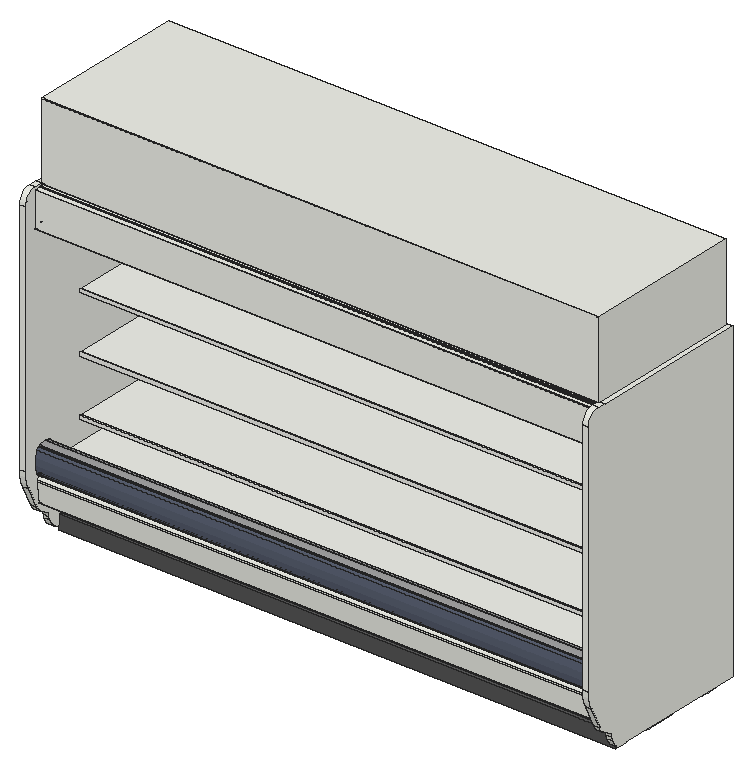
Revit family "IDF5SM_2014", category Specialty Equipment, Revit 2014
Parameters (values of type "12'-0" Length")
  Width = 144 3/8"
  Waste Drain = 1 1/4"  # constant formula
  URL = "www.hussmann.com"
  Type Comments = "Insight"  # constant formula
  Trim = Stainless Steel
  Total Weight = Case Weight + (2 * End Weight)  # 1350.00 lbf
  Top Clearance = 1 1/2"  # constant formula
  Splashguard = Textured Sheet Metal (Steel Painted) - 701 Black
  Side Panel - Right [instance] = yes
  Side Panel - Left [instance] = yes
  Shelves = Sheet Metal (Steel Painted) - 700 Interior White
  Shelf Lights [instance] = yes
  Shelf = yes
  Revit Family Date = "06/16/2017"  # constant formula
  Refrigeration Lines Suction = 7/8"  # constant formula
  Refrigeration Lines Liquid = 3/8"  # constant formula
  Refrig. Suction = "Suction"
  Refrig. Liquid = "Liquid"
  Number of Supports = if(Width < 50", 2, if(Width < 100", 3, 4))  # 4
  Number of Shelves = 4  # constant formula
  Note from Manufacturer = "This model only comes in 4'-0\", 6'-0\", 8'-0\", and 12'-0\" lengths."
  Model URL = "http://www.hussmann.com/en/product%20viewer/display-cases/IDF5NM,%20IDF5SM"
  Model = "IDF5SM"  # constant formula
  Manufacturer Disclaimer = "The information in this file is not intended to be an exact representation of the corresponding Hussmann product.  Further, we reserve the right to change or revise specifications and product design in connection with any feature of our products. Such changes do not entitle the buyer to corresponding changes, improvements, additions, or replacements for equipment previously sold or shipped."  # constant formula
  Manufacturer = "Hussmann Corporation"  # constant formula
  Height = 103 1/2"  # constant formula
  Glazing = Glass
  Ends = Textured Sheet Metal (Steel Painted) - 149 White Satin Matte
  End Weight = 80.00 lbf  # constant formula
  Description = "Dairy, Freedom, 5-Deck, Standard Front-to-Back Depth, Medium Front"  # constant formula
  Depth = 43 5/8"  # constant formula
  Cutsheet URL = "http://www.hussmann.com/en/Technical%20Documents/3006889_E_IDF5SM.pdf"
  Clearance [instance] = yes
  Case Weight = if(Width = 48 1/4", 770.00 lbf, if(Width = 72 1/4", 930.00 lbf, if(Width = 96 1/4", 1080.00 lbf, if(Width = 144 3/8", 1190.00 lbf, 0.00 lbf))))  # 1190.00 lbf
  Case Interior - Side Panel = Sheet Metal (Steel Painted) - 700 Interior White
  Case Interior - Back Panel = Sheet Metal (Steel Painted) - 700 Interior White
  Case = Textured Sheet Metal (Steel Painted) - 149 White Satin Matte
  Bumper = Extruded PVC - 739 Royal Blue
  Back Clearance = 1 1/2"  # constant formula
  Assembly Code = ""
  Accessories/Options = ""
  8 Case = Width = 96 1/4"  # no
  6 Case = Width = 72 1/4"  # no
  4 Case = Width = 48 1/8"  # no
  12 Case = Width = 144 3/8"  # yes
Reference planes (in)
  plane 1 "Back": y = 0
  plane 2 "Bottom": z = 0
  plane 3 "Top": z = 103.5
  plane 4 "Left": x = -77.30699
  plane 5 "Front": y = -43.625
  plane 6 "Center (Left/Right)": x = -5.11949
  plane 7: y = 1.5
  plane 8: x = -78.80699
  plane 9 "Right": x = 67.06801
  plane 10: x = 68.56801
  plane 11: z = 24
  plane 12: z = 68
  plane 13: z = 105
Forms (in)
  Extrusion 1, solid, material "Metal - Copper"
    sketch origin (57.40105, 5, -0.375) x (1, 0, 0) y (0, 1, 0)
      loop
        circle (1.22946, -33.25) r 0.41359
      loop
        circle (1.22946, -33.25) r 0.4375
    from 6.21181 to 0.375
  Extrusion 2, solid, material "Metal - Copper"
    sketch origin (59.82608, 5, -0.375) x (1, 0, 0) y (0, 1, 0)
      loop
        circle (-0.57057, -33.25) r 0.17188
      loop
        circle (-0.57057, -33.25) r 0.1875
    from 6.21181 to 0.375
  Extrusion 3, solid, material "Metal - Copper"
    sketch origin (-56.6875, 1.04319, 0) x (1, 0, 0) y (0, 1, 0)
      loop
        arc (51.56801, -33.91968) -> (51.12607, -34.10274) -> (50.94301, -34.54468) r 0.625
        arc (50.94301, -34.54468) -> (51.12607, -34.98662) -> (51.56801, -35.16968) r 0.625
        arc (51.56801, -35.16968) -> (52.00996, -34.98662) -> (52.19301, -34.54468) r 0.625
        arc (52.19301, -34.54468) -> (52.00996, -34.10274) -> (51.56801, -33.91968) r 0.625
      loop
        circle (51.56801, -34.54468) r 0.5852
    from 5.83681 to 0
  Extrusion 4, solid, material "Textured Sheet Metal (Steel Painted) - 149 White Satin Matte" <- "Ends", visible <- "Side Panel - Right"
    sketch origin (-5.11949, 0, 0) x (0, 1, 0) y (0, 0, 1)
      loop
        line (0.27497, 1.53829) -> (0.27497, 83.01829) -> (-41.21803, 83.01829) -> (-41.21803, 83.19578) -> (-43.25608, 83.19578)
        arc (-43.25608, 83.19578) -> (-45.5329, 82.25269) -> (-46.47599, 79.97587) r 3.21991
        line (-46.47599, 79.97587) -> (-46.47599, 18.42482)
        arc (-46.47599, 18.42482) -> (-46.23259, 16.20495) -> (-45.51394, 14.09057) r 10.24437
        line (-45.51394, 14.09057) -> (-42.93722, 8.59694)
        arc (-42.93722, 8.59694) -> (-42.34066, 7.72573) -> (-41.49552, 7.09278) r 3.238
        line (-41.49552, 7.09278) -> (-40.22792, 6.43438)
        arc (-40.22792, 6.43438) -> (-39.3477, 5.71299) -> (-38.83308, 4.69793) r 2.762
        line (-38.83308, 4.69793) -> (-38.57876, 3.74849)
        arc (-38.57876, 3.74849) -> (-37.4223, 2.01749) -> (-35.45102, 1.34829) r 3.238
        line (-35.45102, 1.34829) -> (-34.22503, 1.34829) -> (-34.22503, 1.53829) -> (0.27497, 1.53829)
    from 73.6875 to 72.1875
  Extrusion 5, solid, material "Textured Sheet Metal (Steel Painted) - 149 White Satin Matte" <- "Ends", visible <- "Side Panel - Left"
    sketch origin (-150.99449, 0, 0) x (0, 1, 0) y (0, 0, 1)
      loop
        line (0.27497, 1.53829) -> (0.27497, 83.01829) -> (-41.21803, 83.01829) -> (-41.21803, 83.19578) -> (-43.25608, 83.19578)
        arc (-43.25608, 83.19578) -> (-45.5329, 82.25269) -> (-46.47599, 79.97587) r 3.21991
        line (-46.47599, 79.97587) -> (-46.47599, 18.42482)
        arc (-46.47599, 18.42482) -> (-46.23259, 16.20495) -> (-45.51394, 14.09057) r 10.24437
        line (-45.51394, 14.09057) -> (-42.93722, 8.59694)
        arc (-42.93722, 8.59694) -> (-42.34066, 7.72573) -> (-41.49552, 7.09278) r 3.238
        line (-41.49552, 7.09278) -> (-40.22792, 6.43438)
        arc (-40.22792, 6.43438) -> (-39.3477, 5.71299) -> (-38.83308, 4.69793) r 2.762
        line (-38.83308, 4.69793) -> (-38.57876, 3.74849)
        arc (-38.57876, 3.74849) -> (-37.4223, 2.01749) -> (-35.45102, 1.34829) r 3.238
        line (-35.45102, 1.34829) -> (-34.22503, 1.34829) -> (-34.22503, 1.53829) -> (0.27497, 1.53829)
    from 73.6875 to 72.1875
  Extrusion 6, solid
    sketch origin (-5.11949, 0, 0) x (0, 1, 0) y (0, 0, 1)
      loop
        arc (-41.23389, 102.89028) -> (-41.26924, 102.87563) -> (-41.28389, 102.84027) r 0.05
        line (-41.28389, 102.84027) -> (-41.28389, 82.93964)
        arc (-41.28389, 82.93964) -> (-41.26924, 82.90428) -> (-41.23389, 82.88963) r 0.05
        line (-41.23389, 82.88963) -> (-40.36385, 82.88963) -> (-40.36385, 82.75978) -> (-28.88, 82.75978) -> (-28.88, 81.62009) -> (-0.07556, 81.62009) -> (-0.07556, 102.89028) -> (-41.23389, 102.89028)
    from 72.1875 to -72.1875
  Extrusion 7, solid, material "Textured Sheet Metal (Steel Painted) - 149 White Satin Matte" <- "Case"
    sketch origin (-5.11949, 0, 0) x (0, 1, 0) y (0, 0, 1)
      loop
        line (-43.61378, 82.62903) -> (-43.61378, 73.65874)
        arc (-43.61378, 73.65874) -> (-43.59562, 73.61489) -> (-43.55177, 73.59673) r 0.06201
        line (-43.55177, 73.59673) -> (-42.81275, 73.59673)
        arc (-42.81275, 73.59673) -> (-42.7689, 73.61489) -> (-42.75074, 73.65874) r 0.06201
        line (-42.75074, 73.65874) -> (-42.75074, 74.14376) -> (-42.79775, 74.14376) -> (-42.79775, 73.64374) -> (-43.56677, 73.64374) -> (-43.56677, 75.74742) -> (-41.8562, 75.74742) -> (-41.8562, 74.41451)
        arc (-41.8562, 74.41451) -> (-41.82752, 74.38583) -> (-41.79884, 74.41451) r 0.02868
        line (-41.79884, 74.41451) -> (-41.79884, 75.61797) -> (-40.87295, 75.61797) -> (-40.87295, 74.41739) -> (-39.70488, 74.41739) -> (-39.70488, 75.64922) -> (-38.22649, 75.64922) -> (-38.22649, 75.51965) -> (-38.51202, 75.51965) -> (-38.51202, 75.16151) -> (-38.36618, 75.04581)
        arc (-38.36618, 75.04581) -> (-38.2315, 74.97763) -> (-38.0824, 74.95415) r 0.48513
        line (-38.0824, 74.95415) -> (-37.44121, 74.95415)
        arc (-37.44121, 74.95415) -> (-37.4077, 74.96849) -> (-37.39493, 75.00262) r 0.04632
        arc (-37.39493, 75.00262) -> (-37.42167, 75.02761) -> (-37.44479, 74.99924) r 0.02504
        line (-37.44479, 74.99924) -> (-37.79457, 74.99924) -> (-37.79457, 75.24809) -> (-37.42388, 75.24809)
        arc (-37.42388, 75.24809) -> (-37.39924, 75.27274) -> (-37.42388, 75.29738) r 0.02464
        line (-37.42388, 75.29738) -> (-32.16375, 75.29738) -> (-32.15354, 76.46714) -> (-7.79798, 76.25459) -> (-7.68998, 15.67536)
        arc (-7.68998, 15.67536) -> (-9.31934, 13.7703) -> (-11.57219, 12.6709) r 6.16849
        line (-11.57219, 12.6709) -> (-24.74121, 10.73321) -> (-33.44837, 10.73321)
        arc (-33.44837, 10.73321) -> (-33.6948, 10.66718) -> (-33.8752, 10.48678) r 0.49286
        line (-33.8752, 10.48678) -> (-34.51404, 9.38029)
        arc (-34.51404, 9.38029) -> (-34.69444, 9.19989) -> (-34.94086, 9.13386) r 0.49286
        line (-34.94086, 9.13386) -> (-37.10708, 9.13386)
        arc (-37.10708, 9.13386) -> (-37.22705, 9.14868) -> (-37.3398, 9.19226) r 0.49286
        line (-37.3398, 9.19226) -> (-38.0583, 9.57419)
        arc (-38.0583, 9.57419) -> (-38.2316, 9.74684) -> (-38.30054, 9.98155) r 0.49286
        line (-38.30054, 9.98155) -> (-38.3102, 10.25818)
        arc (-38.3102, 10.25818) -> (-38.45161, 10.58681) -> (-38.77804, 10.73321) r 0.49286
        line (-38.77804, 10.73321) -> (-39.61432, 10.73321)
        arc (-39.61432, 10.73321) -> (-39.96282, 10.87757) -> (-40.10718, 11.22607) r 0.49286
        line (-40.10718, 11.22607) -> (-40.10718, 11.69486)
        arc (-40.10718, 11.69486) -> (-40.14469, 11.88347) -> (-40.25153, 12.04337) r 0.49286
        line (-40.25153, 12.04337) -> (-40.92127, 12.7131)
        arc (-40.92127, 12.7131) -> (-41.0281, 12.87299) -> (-41.06562, 13.0616) r 0.49286
        line (-41.06562, 13.0616) -> (-41.06562, 22.25458) -> (-42.06364, 22.25458) -> (-42.06364, 9.5269) -> (-35.17501, 5.83681) -> (-8.99091, 5.83681) -> (-0.03846, 10.26407) -> (-0.03846, 81.51899) -> (-28.88, 81.51899) -> (-28.88, 82.75978) -> (-41.76858, 82.75978)
        arc (-41.76858, 82.75978) -> (-41.79231, 82.75506) -> (-41.81243, 82.74162) r 0.06201
        line (-41.81243, 82.74162) -> (-41.99228, 82.56176) -> (-42.16089, 82.67982)
        arc (-42.16089, 82.67982) -> (-42.17781, 82.68817) -> (-42.19646, 82.69104) r 0.06201
        line (-42.19646, 82.69104) -> (-43.55177, 82.69104)
        arc (-43.55177, 82.69104) -> (-43.59562, 82.67287) -> (-43.61378, 82.62903) r 0.06201
    from 72.1875 to -72.1875
  Extrusion 8, solid, material "Textured Sheet Metal (Steel Painted) - 149 White Satin Matte" <- "Case"
    sketch origin (-5.11949, 0, 0) x (0, 1, 0) y (0, 0, 1)
      loop
        arc (-43.11826, 22.14621) -> (-43.55375, 19.36628) -> (-43.11826, 16.58635) r 9.09066
        arc (-43.11826, 16.58635) -> (-42.90901, 16.31761) -> (-42.61953, 16.13814) r 0.96652
        arc (-42.61953, 16.13814) -> (-42.58706, 16.12585) -> (-42.55421, 16.11459) r 1.09071
        arc (-42.55421, 16.11459) -> (-42.48915, 16.11013) -> (-42.42968, 16.1369) r 0.13406
        arc (-42.42968, 16.1369) -> (-42.38784, 16.13309) -> (-42.35084, 16.15298) r 0.07294
        line (-42.35084, 16.15298) -> (-42.27175, 16.23207)
        spline (-42.27175, 16.23207) -> (-42.26249, 16.23967) -> (-42.25192, 16.24532) -> (-42.24046, 16.2488) -> (-42.22853, 16.24997) -> (-42.21661, 16.2488) -> (-42.20515, 16.24532) -> (-42.19458, 16.23967) -> (-42.18532, 16.23207) -> (-42.17772, 16.22281) -> (-42.17208, 16.21224) -> (-42.1686, 16.20078) -> (-42.16743, 16.18885)
        line (-42.16743, 16.18885) -> (-42.16743, 15.59972)
        spline (-42.16743, 15.59972) -> (-42.16774, 15.59348) -> (-42.1687, 15.58731) -> (-42.17027, 15.58127) -> (-42.17246, 15.57542) -> (-42.17523, 15.56982) -> (-42.17855, 15.56454) -> (-42.1824, 15.55962) -> (-42.18672, 15.55513) -> (-42.19149, 15.55109) -> (-42.19663, 15.54757) -> (-42.20212, 15.54458) -> (-42.20787, 15.54218)
        line (-42.20787, 15.54218) -> (-42.20787, 15.85658)
        arc (-42.20787, 15.85658) -> (-42.23377, 15.89877) -> (-42.28311, 15.89475) r 0.0473
        arc (-42.28311, 15.89475) -> (-42.65139, 15.51557) -> (-42.87394, 15.03612) r 1.57951
        arc (-42.87394, 15.03612) -> (-42.91322, 14.79892) -> (-42.89973, 14.55887) r 1.09394
        line (-42.89973, 14.55887) -> (-42.27526, 9.443)
        arc (-42.27526, 9.443) -> (-42.2245, 9.36447) -> (-42.15064, 9.30712) r 0.27895
        line (-42.15064, 9.30712) -> (-36.32679, 6.18741)
        arc (-36.32679, 6.18741) -> (-36.29076, 6.18382) -> (-36.26275, 6.20677) r 0.04731
        line (-36.26275, 6.20677) -> (-36.17563, 6.3694) -> (-42.07002, 9.5269) -> (-42.07002, 22.25458) -> (-38.47884, 22.25458) -> (-38.31453, 22.09377) -> (-38.1559, 21.15765) -> (-38.1559, 14.08328) -> (-36.66485, 14.27362) -> (-36.55795, 14.30302) -> (-25.2845, 15.74219)
        arc (-25.2845, 15.74219) -> (-24.41232, 15.8255) -> (-23.53661, 15.8533) r 13.80297
        line (-23.53661, 15.8533) -> (-16.82884, 15.8533)
        arc (-16.82884, 15.8533) -> (-16.67679, 15.90581) -> (-16.58953, 16.04094) r 0.24643
        arc (-16.58953, 16.04094) -> (-16.53193, 16.13014) -> (-16.43158, 16.16479) r 0.16264
        line (-16.43158, 16.16479) -> (-8.53183, 16.16479)
        arc (-8.53183, 16.16479) -> (-8.41682, 16.11715) -> (-8.36919, 16.00215) r 0.16264
        line (-8.36919, 16.00215) -> (-8.36919, 15.90259)
        arc (-8.36919, 15.90259) -> (-8.29701, 15.72834) -> (-8.12276, 15.65616) r 0.24643
        line (-8.12276, 15.65616) -> (-7.80437, 15.65616) -> (-7.80437, 16.57411) -> (-19.83624, 16.57411)
        arc (-19.83624, 16.57411) -> (-19.92577, 16.54725) -> (-19.98573, 16.47553) r 0.16264
        arc (-19.98573, 16.47553) -> (-20.04569, 16.40382) -> (-20.13522, 16.37696) r 0.16264
        line (-20.13522, 16.37696) -> (-23.53661, 16.37696)
        arc (-23.53661, 16.37696) -> (-24.44554, 16.3481) -> (-25.35081, 16.26163) r 14.32663
        line (-25.35081, 16.26163) -> (-36.53828, 14.83345)
        arc (-36.53828, 14.83345) -> (-36.65254, 14.81774) -> (-36.76618, 14.79803) r 3.28391
        arc (-36.76618, 14.79803) -> (-36.83782, 14.73807) -> (-36.86465, 14.64858) r 0.16264
        line (-36.86465, 14.64858) -> (-36.86465, 14.48084)
        arc (-36.86465, 14.48084) -> (-36.92612, 14.31799) -> (-37.07987, 14.23639) r 0.24643
        line (-37.07987, 14.23639) -> (-38.14027, 14.10102) -> (-38.14027, 21.15896) -> (-38.29611, 22.07865)
        arc (-38.29611, 22.07865) -> (-38.3032, 22.09969) -> (-38.31645, 22.11752) r 0.07098
        line (-38.31645, 22.11752) -> (-39.23231, 23.01384)
        arc (-39.23231, 23.01384) -> (-39.25042, 23.0267) -> (-39.27161, 23.03334) r 0.07098
        line (-39.27161, 23.03334) -> (-40.17282, 23.16613)
        arc (-40.17282, 23.16613) -> (-40.22185, 23.155) -> (-40.25415, 23.11646) r 0.07874
        arc (-40.25415, 23.11646) -> (-40.26713, 23.14979) -> (-40.29922, 23.16557) r 0.04929
        arc (-40.29922, 23.16557) -> (-41.30176, 23.11307) -> (-42.23398, 22.74048) r 3.07518
        arc (-42.23398, 22.74048) -> (-42.25691, 22.70737) -> (-42.24749, 22.66821) r 0.04929
        line (-42.24749, 22.66821) -> (-42.2999, 22.66821)
        arc (-42.2999, 22.66821) -> (-42.46251, 22.6434) -> (-42.61953, 22.59442) r 1.09071
        arc (-42.61953, 22.59442) -> (-42.90901, 22.41495) -> (-43.11826, 22.14621) r 0.96652
    from 72.1875 to -72.1875
  Extrusion 9, solid, material "Sheet Metal (Steel Painted) - 700 Interior White" <- "Shelves"
    sketch origin (-5.11949, 0, 0) x (0, 1, 0) y (0, 0, 1)
      loop
        line (-37.11188, 17.18462) -> (-37.11188, 16.79819) -> (-37.0567, 16.79819) -> (-36.77772, 16.96132) -> (-35.37702, 16.96132) -> (-35.37702, 17.18878) -> (-10.11588, 17.18878) -> (-10.11588, 17.33368) -> (-9.48404, 17.33368) -> (-9.48404, 16.97586) -> (-8.56986, 16.97586) -> (-8.28645, 16.81223) -> (-8.2381, 16.81223) -> (-8.2381, 17.20204) -> (-8.3761, 17.28171)
        arc (-8.3761, 17.28171) -> (-8.46787, 17.31973) -> (-8.56634, 17.33269) r 0.38049
        line (-8.56634, 17.33269) -> (-9.14084, 17.33269)
        arc (-9.14084, 17.33269) -> (-9.02816, 17.38188) -> (-8.98182, 17.49577) r 0.16314
        arc (-8.98182, 17.49577) -> (-9.00266, 17.57555) -> (-9.05985, 17.63495) r 0.16314
        line (-9.05985, 17.63495) -> (-9.27223, 17.75781) -> (-10.11588, 17.75781) -> (-10.11588, 17.80485) -> (-36.37259, 17.80485) -> (-36.37259, 17.31864) -> (-36.77772, 17.31864)
        arc (-36.77772, 17.31864) -> (-36.87626, 17.30567) -> (-36.96809, 17.26764) r 0.38073
        line (-36.96809, 17.26764) -> (-37.11188, 17.18462)
    from 72.1875 to -72.1875
  Extrusion 10, solid, material "Textured Sheet Metal (Steel Painted) - 701 Black" <- "Splashguard"
    sketch origin (-5.11949, 0, 0) x (0, 1, 0) y (0, 0, 1)
      loop
        arc (-36.34318, 5.37971) -> (-36.33649, 5.35474) -> (-36.31822, 5.33647) r 0.04993
        line (-36.31822, 5.33647) -> (-35.31664, 4.75821) -> (-35.31664, 4.28677) -> (-35.78445, 3.94575)
        arc (-35.78445, 3.94575) -> (-35.79955, 3.92804) -> (-35.80497, 3.9054) r 0.04993
        line (-35.80497, 3.9054) -> (-35.80497, 0.26951) -> (-35.28169, 0.26951) -> (-35.28169, 4.74956)
        arc (-35.28169, 4.74956) -> (-35.28838, 4.77453) -> (-35.30666, 4.7928) r 0.04993
        line (-35.30666, 4.7928) -> (-36.30823, 5.37106) -> (-36.30823, 6.03692) -> (-36.34318, 6.03692) -> (-36.34318, 5.37971)
    from 72.1875 to -72.1875
Lines and regions (in)
  reference lines
    curve 1: line (-74.80699, -43.625, 0) -> (-74.80699, 0, 0)
    curve 2: line (-5.11949, -43.625, 0) -> (-5.11949, 0, 0)
    curve 3: line (64.56801, -43.625, 0) -> (64.56801, 0, 0)
    curve 4: line (59.06801, -43.625, 0) -> (59.06801, 0, 0)
    curve 5: line (-77.30699, -33.50149, 0) -> (67.06801, -33.50149, 0)
    curve 6: line (67.06801, -28.25, 0) -> (-77.30699, -28.25, 0)
  symbolic lines, style "Clearance", visible <- "Clearance"
    curve 7: line (-77.30699, 0, 0) -> (-77.30699, 1.5, 0)
    curve 8: line (-77.30699, 1.5, 0) -> (67.06801, 1.5, 0)
    curve 9: line (67.06801, 1.5, 0) -> (67.06801, -0.03846, 0)
    curve 10: line (-5.11949, -43.625, 82.62903) -> (-5.11949, -43.625, 105)
    curve 11: line (-5.11949, -43.625, 105) -> (-5.11949, 0, 105)
    curve 12: line (-5.11949, 0, 105) -> (-5.11949, 0, 81.51899)
    curve 13: line (-5.11949, 0, 81.51899) -> (-5.11949, 1.5, 81.51899)
    curve 14: line (-5.11949, 1.5, 81.51899) -> (-5.11949, 1.5, 0)
    curve 15: line (-5.11949, 1.5, 0) -> (-5.11949, 0, 0)
    curve 16: line (-77.30699, 0, 102.84027) -> (-77.30699, 0, 105)
    curve 17: line (-77.30699, 0, 105) -> (67.06801, 0, 105)
    curve 18: line (67.06801, 0, 105) -> (67.06801, 0, 102.84027)
Dimensions and locks (in)
  equal spacing: plane 4 "Left", plane 6 "Center (Left/Right)", plane 9 "Right"
  locked: plane 8 to plane 4 "Left" at 1.5
  "Width": plane 4 "Left" to plane 9 "Right"
  locked: plane 4 "Left" to curve 1 at 2.5
  locked: curve 3 to plane 9 "Right" at 2.5
  "Depth": plane 5 "Front" to plane 1 "Back"
  "Back Clearance": plane 1 "Back" to plane 7
  curve 4 to plane 9 "Right" = 8"
  "Height": plane 3 "Top" to level
  plane 1 "Back" to curve 5 = 33.50149"
  locked: plane 1 "Back" to curve 6 at 28.25
  locked: plane 9 "Right" to plane 10 at 1.5
  locked: plane 11 to level at 24
  locked: plane 12 to level at 68
  "Top Clearance": plane 13 to plane 3 "Top"
  locked: Extrusion 3 sketch curve to Extrusion 3 sketch curve at 0.0398
  locked: Extrusion 2 sketch curve to Extrusion 2 sketch curve at 0.01562
  locked: Extrusion 1 sketch curve to Extrusion 1 sketch curve at 0.02391
  equal spacing: group 1, group 3, group 4, group 2  (x3)
  equal spacing: group 5, group 7, group 8, group 6  (x3)
  "Waste Drain": diameter of Extrusion 3 sketch curve
  "Refrigeration Lines Liquid": diameter of Extrusion 2 sketch curve
  "Refrigeration Lines Suction": diameter of Extrusion 1 sketch curve
  aligned and locked: plane 5 "Front" to curve 3
  aligned and locked: plane 5 "Front" to curve 2
  aligned and locked: plane 5 "Front" to curve 1
  aligned and locked: plane 4 "Left" to curve 5
  aligned and locked: plane 4 "Left" to curve 6
  aligned and locked: plane 9 "Right" to curve 6
  aligned and locked: plane 9 "Right" to curve 5
  aligned and locked: Extrusion 1 to level
  aligned and locked: Extrusion 2 to level
  aligned and locked: curve 6 to Extrusion 2 sketch curve  (x4)
  aligned and locked: curve 6 to Extrusion 1 sketch curve  (x4)
  aligned and locked: curve 5 to Extrusion 3 sketch curve
  aligned and locked: curve 2 to Extrusion 3 sketch curve
  aligned and locked: curve 4 to Extrusion 2 sketch curve
  aligned and locked: curve 4 to Extrusion 1 sketch curve
  aligned and locked: plane 6 "Center (Left/Right)" to curve 2
  aligned and locked: plane 8 to Extrusion 5
  aligned and locked: plane 4 "Left" to Extrusion 5
  aligned and locked: Extrusion 4 to plane 9 "Right"
  aligned and locked: plane 10 to Extrusion 4
  aligned and locked: plane 9 "Right" to Extrusion 6
  aligned and locked: Extrusion 6 to plane 4 "Left"
  aligned and locked: plane 9 "Right" to Extrusion 7
  aligned and locked: Extrusion 7 to plane 4 "Left"
  aligned and locked: plane 9 "Right" to Extrusion 8
  aligned and locked: Extrusion 8 to plane 4 "Left"
  aligned and locked: plane 9 "Right" to Extrusion 9
  aligned and locked: Extrusion 9 to plane 4 "Left"
  aligned and locked: plane 9 "Right" to Extrusion 10
  aligned and locked: Extrusion 10 to plane 4 "Left"
  aligned and locked: plane 4 "Left" to nested 13
  aligned and locked: curve 9 to plane 9 "Right"
  aligned and locked: curve 8 to plane 7
  aligned and locked: plane 4 "Left" to curve 7
  aligned and locked: Extrusion 7 to curve 13
  aligned and locked: plane 1 "Back" to curve 12
  aligned and locked: curve 14 to plane 7
  aligned and locked: level to curve 15
  aligned and locked: plane 13 to curve 11
  aligned and locked: plane 5 "Front" to curve 10
  aligned and locked: plane 13 to curve 17
  aligned and locked: plane 4 "Left" to curve 16
  aligned and locked: curve 18 to plane 9 "Right"
Automatic sketch dimensions
  curve 4 to plane 5 "Front" = 0"
  plane 1 "Back" to curve 4 = 0"
  plane 1 "Back" to curve 1 = 0"
  plane 1 "Back" to curve 3 = 0"
  plane 1 "Back" to curve 2 = 0"
  Extrusion 4 sketch curve to plane 1 "Back" = 0.27497"
  level to Extrusion 4 sketch curve = 1.53829"
  plane 5 "Front" to Extrusion 4 sketch curve = 9.39997"
  Extrusion 4 sketch curve to Extrusion 4 sketch curve = 1.22599"
  plane 5 "Front" to Extrusion 4 sketch curve = 7.39338"
  Extrusion 4 sketch curve to Extrusion 4 sketch curve = 3.12774"
  Extrusion 4 sketch curve to Extrusion 4 sketch curve = 0.25432"
  plane 5 "Front" to Extrusion 4 sketch curve = 3.62198"
  Extrusion 4 sketch curve to Extrusion 4 sketch curve = 1.39485"
  plane 5 "Front" to Extrusion 4 sketch curve = 2.40697"
  Extrusion 4 sketch curve to Extrusion 4 sketch curve = 1.2676"
  plane 5 "Front" to Extrusion 4 sketch curve = 2.12398"
  plane 5 "Front" to Extrusion 4 sketch curve = 0.68778"
  plane 5 "Front" to Extrusion 4 sketch curve = 0.36892"
  Extrusion 4 sketch curve to Extrusion 4 sketch curve = 0.19"
  level to Extrusion 4 sketch curve = 3.74849"
  Extrusion 4 sketch curve to Extrusion 4 sketch curve = 0.2348"
  Extrusion 4 sketch curve to Extrusion 4 sketch curve = 0.94944"
  Extrusion 4 sketch curve to Extrusion 4 sketch curve = 0.65839"
  Extrusion 4 sketch curve to Extrusion 4 sketch curve = 1.50416"
  Extrusion 4 sketch curve to Extrusion 4 sketch curve = 5.49363"
  plane 12 to Extrusion 4 sketch curve = 11.97587"
  plane 12 to Extrusion 4 sketch curve = 15.01829"
  Extrusion 5 sketch curve to plane 1 "Back" = 0.27497"
  level to Extrusion 5 sketch curve = 1.53829"
  plane 5 "Front" to Extrusion 5 sketch curve = 9.39997"
  Extrusion 5 sketch curve to Extrusion 5 sketch curve = 1.22599"
  plane 5 "Front" to Extrusion 5 sketch curve = 7.39338"
  Extrusion 5 sketch curve to Extrusion 5 sketch curve = 3.12774"
  Extrusion 5 sketch curve to Extrusion 5 sketch curve = 0.25432"
  plane 5 "Front" to Extrusion 5 sketch curve = 3.62198"
  Extrusion 5 sketch curve to Extrusion 5 sketch curve = 1.39485"
  plane 5 "Front" to Extrusion 5 sketch curve = 2.40697"
  Extrusion 5 sketch curve to Extrusion 5 sketch curve = 1.2676"
  plane 5 "Front" to Extrusion 5 sketch curve = 2.12398"
  plane 5 "Front" to Extrusion 5 sketch curve = 0.68778"
  plane 5 "Front" to Extrusion 5 sketch curve = 0.36892"
  Extrusion 5 sketch curve to Extrusion 5 sketch curve = 0.19"
  level to Extrusion 5 sketch curve = 3.74849"
  Extrusion 5 sketch curve to Extrusion 5 sketch curve = 0.2348"
  Extrusion 5 sketch curve to Extrusion 5 sketch curve = 0.94944"
  Extrusion 5 sketch curve to Extrusion 5 sketch curve = 0.65839"
  Extrusion 5 sketch curve to Extrusion 5 sketch curve = 1.50416"
  Extrusion 5 sketch curve to Extrusion 5 sketch curve = 5.49363"
  plane 12 to Extrusion 5 sketch curve = 11.97587"
  plane 12 to Extrusion 5 sketch curve = 15.01829"
  plane 3 "Top" to Extrusion 6 sketch curve = 0.65973"
  plane 5 "Front" to Extrusion 6 sketch curve = 2.34111"
  Extrusion 6 sketch curve to Extrusion 6 sketch curve = 0.05"  (x2)
  Extrusion 6 sketch curve to Extrusion 6 sketch curve = 0.87004"
  Extrusion 6 sketch curve to Extrusion 6 sketch curve = 11.48385"
  plane 1 "Back" to Extrusion 6 sketch curve = 0.07556"
  plane 12 to Extrusion 6 sketch curve = 14.93964"
  Extrusion 6 sketch curve to Extrusion 6 sketch curve = 0.12986"
  Extrusion 6 sketch curve to Extrusion 6 sketch curve = 1.13968"
  plane 12 to Extrusion 7 sketch curve = 5.65874"
  Extrusion 7 sketch curve to Extrusion 7 sketch curve = 8.97029"
  plane 5 "Front" to Extrusion 7 sketch curve = 0.81225"
  Extrusion 7 sketch curve to Extrusion 7 sketch curve = 0.48502"
  Extrusion 7 sketch curve to Extrusion 7 sketch curve = 0.04701"
  Extrusion 7 sketch curve to Extrusion 7 sketch curve = 0.015"  (x4)
  plane 5 "Front" to Extrusion 7 sketch curve = 1.42854"
  Extrusion 7 sketch curve to Extrusion 7 sketch curve = 0.03557"
  Extrusion 7 sketch curve to Extrusion 7 sketch curve = 0.01121"
  Extrusion 7 sketch curve to Extrusion 7 sketch curve = 0.17985"  (x2)
  Extrusion 7 sketch curve to Extrusion 7 sketch curve = 12.88858"
  Extrusion 7 sketch curve to Extrusion 7 sketch curve = 0.04385"  (x2)
  Extrusion 7 sketch curve to Extrusion 7 sketch curve = 1.24079"
  Extrusion 7 sketch curve to Extrusion 7 sketch curve = 0.16861"
  Extrusion 7 sketch curve to Extrusion 7 sketch curve = 0.11806"
  Extrusion 7 sketch curve to Extrusion 7 sketch curve = 0.06201"
  plane 5 "Front" to Extrusion 7 sketch curve = 0.05823"
  plane 5 "Front" to Extrusion 7 sketch curve = 1.7688"
  Extrusion 7 sketch curve to Extrusion 7 sketch curve = 0.01021"
  Extrusion 7 sketch curve to Extrusion 7 sketch curve = 1.16976"
  plane 12 to Extrusion 7 sketch curve = 8.25459"
  plane 1 "Back" to Extrusion 7 sketch curve = 7.68998"
  Extrusion 7 sketch curve to plane 11 = 8.32464"
  Extrusion 7 sketch curve to Extrusion 7 sketch curve = 17.05123"
  Extrusion 7 sketch curve to Extrusion 7 sketch curve = 5.40466"
  level to Extrusion 7 sketch curve = 10.73321"
  Extrusion 7 sketch curve to plane 11 = 5.35144"
  Extrusion 7 sketch curve to Extrusion 7 sketch curve = 8.70716"
  Extrusion 7 sketch curve to Extrusion 7 sketch curve = 3.88221"
  Extrusion 7 sketch curve to Extrusion 7 sketch curve = 0.49286"  (x4)
  Extrusion 7 sketch curve to Extrusion 7 sketch curve = 0.42683"  (x2)
  Extrusion 7 sketch curve to Extrusion 7 sketch curve = 0.63884"
  Extrusion 7 sketch curve to Extrusion 7 sketch curve = 1.1065"
  Extrusion 7 sketch curve to Extrusion 7 sketch curve = 0.24643"
  Extrusion 7 sketch curve to Extrusion 7 sketch curve = 2.16621"
  Extrusion 7 sketch curve to Extrusion 7 sketch curve = 0.23273"
  Extrusion 7 sketch curve to Extrusion 7 sketch curve = 0.7185"
  Extrusion 7 sketch curve to Extrusion 7 sketch curve = 0.38193"
  Extrusion 7 sketch curve to Extrusion 7 sketch curve = 0.25032"
  Extrusion 7 sketch curve to Extrusion 7 sketch curve = 0.42456"
  Extrusion 7 sketch curve to Extrusion 7 sketch curve = 0.24224"
  Extrusion 7 sketch curve to Extrusion 7 sketch curve = 0.50222"
  Extrusion 7 sketch curve to Extrusion 7 sketch curve = 0.00966"
  Extrusion 7 sketch curve to Extrusion 7 sketch curve = 0.25942"
  Extrusion 7 sketch curve to Extrusion 7 sketch curve = 0.27662"
  Extrusion 7 sketch curve to Extrusion 7 sketch curve = 0.83628"
  Extrusion 7 sketch curve to Extrusion 7 sketch curve = 0.46879"
  Extrusion 7 sketch curve to Extrusion 7 sketch curve = 0.14435"
  Extrusion 7 sketch curve to Extrusion 7 sketch curve = 0.66973"  (x2)
  Extrusion 7 sketch curve to Extrusion 7 sketch curve = 0.3485"  (x2)
  Extrusion 7 sketch curve to plane 11 = 1.74542"
  Extrusion 7 sketch curve to Extrusion 7 sketch curve = 0.99802"
  Extrusion 7 sketch curve to Extrusion 7 sketch curve = 0.23414"
  Extrusion 7 sketch curve to Extrusion 7 sketch curve = 3.29705"
  Extrusion 7 sketch curve to Extrusion 7 sketch curve = 2.58128"
  Extrusion 7 sketch curve to Extrusion 7 sketch curve = 0.0473"
  plane 5 "Front" to Extrusion 7 sketch curve = 1.56136"
  plane 1 "Back" to Extrusion 7 sketch curve = 0.03846"
  Extrusion 7 sketch curve to Extrusion 7 sketch curve = 5.41129"
  Extrusion 7 sketch curve to Extrusion 7 sketch curve = 5.26013"
  Extrusion 7 sketch curve to Extrusion 7 sketch curve = 0"
  Extrusion 7 sketch curve to Extrusion 7 sketch curve = 0.02464"
  Extrusion 7 sketch curve to Extrusion 7 sketch curve = 0.37069"
  Extrusion 7 sketch curve to Extrusion 7 sketch curve = 0.02091"
  Extrusion 7 sketch curve to Extrusion 7 sketch curve = 0.02481"
  Extrusion 7 sketch curve to Extrusion 7 sketch curve = 0.24885"
  Extrusion 7 sketch curve to Extrusion 7 sketch curve = 0.00338"
  Extrusion 7 sketch curve to Extrusion 7 sketch curve = 0.00358"
  Extrusion 7 sketch curve to Extrusion 7 sketch curve = 0.00123"
  Extrusion 7 sketch curve to Extrusion 7 sketch curve = 0.28783"
  Extrusion 7 sketch curve to Extrusion 7 sketch curve = 0.19119"
  Extrusion 7 sketch curve to Extrusion 7 sketch curve = 0.28378"
  Extrusion 7 sketch curve to Extrusion 7 sketch curve = 0.34323"
  Extrusion 7 sketch curve to Extrusion 7 sketch curve = 0.14584"
  Extrusion 7 sketch curve to Extrusion 7 sketch curve = 0.1157"
  Extrusion 7 sketch curve to Extrusion 7 sketch curve = 0.14409"
  Extrusion 7 sketch curve to Extrusion 7 sketch curve = 0.08037"
  Extrusion 7 sketch curve to Extrusion 7 sketch curve = 0.09832"
  Extrusion 7 sketch curve to Extrusion 7 sketch curve = 1.19286"
  Extrusion 7 sketch curve to Extrusion 7 sketch curve = 1.23183"
  Extrusion 7 sketch curve to Extrusion 7 sketch curve = 1.16807"
  Extrusion 7 sketch curve to Extrusion 7 sketch curve = 0.95457"
  Extrusion 7 sketch curve to Extrusion 7 sketch curve = 0.02868"
  Extrusion 7 sketch curve to Extrusion 7 sketch curve = 0.00289"
  Extrusion 7 sketch curve to Extrusion 7 sketch curve = 0.12945"
  Extrusion 7 sketch curve to Extrusion 7 sketch curve = 0.12957"
  Extrusion 7 sketch curve to Extrusion 7 sketch curve = 0.27075"
  Extrusion 8 sketch curve to Extrusion 8 sketch curve = 0"  (x6)
  plane 5 "Front" to Extrusion 8 sketch curve = 0.72527"
  plane 5 "Front" to Extrusion 8 sketch curve = 1.11221"
  Extrusion 8 sketch curve to Extrusion 8 sketch curve = 0.11037"
  Extrusion 8 sketch curve to Extrusion 8 sketch curve = 0.05158"  (x2)
  plane 5 "Front" to Extrusion 8 sketch curve = 1.3251"
  plane 5 "Front" to Extrusion 8 sketch curve = 1.34974"
  Extrusion 8 sketch curve to Extrusion 8 sketch curve = 0.07909"  (x2)
  Extrusion 8 sketch curve to Extrusion 8 sketch curve = 0.00879"
  Extrusion 8 sketch curve to Extrusion 8 sketch curve = 0.03695"
  Extrusion 8 sketch curve to Extrusion 8 sketch curve = 0.09567"
  Extrusion 8 sketch curve to Extrusion 8 sketch curve = 0.05241"
  Extrusion 8 sketch curve to Extrusion 8 sketch curve = 0.04582"  (x2)
  Extrusion 8 sketch curve to Extrusion 8 sketch curve = 0.03903"
  Extrusion 8 sketch curve to Extrusion 8 sketch curve = 0.0473"
  Extrusion 8 sketch curve to Extrusion 8 sketch curve = 0.10433"
  Extrusion 8 sketch curve to Extrusion 8 sketch curve = 0.12462"
  Extrusion 8 sketch curve to Extrusion 8 sketch curve = 0.17747"
  Extrusion 8 sketch curve to Extrusion 8 sketch curve = 0.0511"
  Extrusion 8 sketch curve to Extrusion 8 sketch curve = 0.38701"
  Extrusion 8 sketch curve to Extrusion 8 sketch curve = 0.47069"
  Extrusion 8 sketch curve to Extrusion 8 sketch curve = 1.57529"
  Extrusion 8 sketch curve to Extrusion 8 sketch curve = 0.12263"
  Extrusion 8 sketch curve to plane 11 = 0.83387"
  Extrusion 8 sketch curve to Extrusion 8 sketch curve = 0.00799"
  Extrusion 8 sketch curve to Extrusion 8 sketch curve = 0.89885"
  Extrusion 8 sketch curve to plane 11 = 0.96666"
  Extrusion 8 sketch curve to Extrusion 8 sketch curve = 0.01035"
  Extrusion 8 sketch curve to plane 11 = 0.98616"
  Extrusion 8 sketch curve to Extrusion 8 sketch curve = 0.0393"
  Extrusion 8 sketch curve to Extrusion 8 sketch curve = 0.91586"
  Extrusion 8 sketch curve to plane 11 = 1.88248"
  Extrusion 8 sketch curve to Extrusion 8 sketch curve = 0.04965"
  Extrusion 8 sketch curve to plane 11 = 1.92135"
  Extrusion 8 sketch curve to Extrusion 8 sketch curve = 1.02919"
  Extrusion 8 sketch curve to Extrusion 8 sketch curve = 0.16264"  (x5)
  Extrusion 8 sketch curve to Extrusion 8 sketch curve = 0.16373"
  Extrusion 8 sketch curve to Extrusion 8 sketch curve = 5.82385"
  Extrusion 8 sketch curve to Extrusion 8 sketch curve = 0.02234"
  Extrusion 8 sketch curve to Extrusion 8 sketch curve = 0.0417"
  Extrusion 8 sketch curve to Extrusion 8 sketch curve = 0.08712"
  Extrusion 8 sketch curve to Extrusion 8 sketch curve = 0.71639"
  Extrusion 8 sketch curve to Extrusion 8 sketch curve = 3.67718"
  Extrusion 8 sketch curve to Extrusion 8 sketch curve = 9.11227"
  Extrusion 8 sketch curve to plane 11 = 8 33/128"
  Extrusion 8 sketch curve to Extrusion 8 sketch curve = 0.06631"
  level to Extrusion 8 sketch curve = 2.05034"
  Extrusion 8 sketch curve to Extrusion 8 sketch curve = 12.63903"
  Extrusion 8 sketch curve to Extrusion 8 sketch curve = 3.40139"
  Extrusion 8 sketch curve to Extrusion 8 sketch curve = 0.29898"
  Extrusion 8 sketch curve to Extrusion 8 sketch curve = 3.0074"
  Extrusion 8 sketch curve to Extrusion 8 sketch curve = 0.39726"
  Extrusion 8 sketch curve to Extrusion 8 sketch curve = 7.89975"
  Extrusion 8 sketch curve to Extrusion 8 sketch curve = 0.24643"  (x2)
  Extrusion 8 sketch curve to Extrusion 8 sketch curve = 0.31839"
  level to Extrusion 8 sketch curve = 6.18741"
  Extrusion 8 sketch curve to Extrusion 8 sketch curve = 0.01936"
  Extrusion 8 sketch curve to Extrusion 8 sketch curve = 0.16263"
  Extrusion 8 sketch curve to Extrusion 8 sketch curve = 0.21978"
  Extrusion 8 sketch curve to Extrusion 8 sketch curve = 0.13588"
  Extrusion 8 sketch curve to Extrusion 8 sketch curve = 5.20338"
  Extrusion 8 sketch curve to Extrusion 8 sketch curve = 2.52825"
  Extrusion 8 sketch curve to Extrusion 8 sketch curve = 0.37981"
  Extrusion 8 sketch curve to Extrusion 8 sketch curve = 0.45784"
  Extrusion 8 sketch curve to Extrusion 8 sketch curve = 0.06134"
  Extrusion 8 sketch curve to Extrusion 8 sketch curve = 0.16774"
  Extrusion 8 sketch curve to Extrusion 8 sketch curve = 0.11968"
  Extrusion 8 sketch curve to Extrusion 8 sketch curve = 0.18486"
  Extrusion 8 sketch curve to Extrusion 8 sketch curve = 0.80229"
  Extrusion 8 sketch curve to Extrusion 8 sketch curve = 0.05754"
  Extrusion 8 sketch curve to plane 11 = 8.34384"
  Extrusion 8 sketch curve to Extrusion 8 sketch curve = 0.25686"
  Extrusion 8 sketch curve to Extrusion 8 sketch curve = 0.09956"
  Extrusion 8 sketch curve to Extrusion 8 sketch curve = 0.25823"
  Extrusion 8 sketch curve to Extrusion 8 sketch curve = 0.03588"
  Extrusion 8 sketch curve to Extrusion 8 sketch curve = 0.03753"
  Extrusion 8 sketch curve to Extrusion 8 sketch curve = 0.51945"
  Extrusion 8 sketch curve to Extrusion 8 sketch curve = 0.0345"
  Extrusion 8 sketch curve to Extrusion 8 sketch curve = 0.80442"
  Extrusion 8 sketch curve to Extrusion 8 sketch curve = 0.11543"  (x2)
  Extrusion 8 sketch curve to Extrusion 8 sketch curve = 2.71237"
  Extrusion 8 sketch curve to Extrusion 8 sketch curve = 1.95725"
  Extrusion 8 sketch curve to Extrusion 8 sketch curve = 0.91968"
  Extrusion 8 sketch curve to Extrusion 8 sketch curve = 1.47111"
  Extrusion 8 sketch curve to Extrusion 8 sketch curve = 0.41364"
  Extrusion 8 sketch curve to Extrusion 8 sketch curve = 0.0301"
  Extrusion 8 sketch curve to Extrusion 8 sketch curve = 0.07834"
  Extrusion 8 sketch curve to Extrusion 8 sketch curve = 0.02867"
  plane 5 "Front" to Extrusion 8 sketch curve = 0.50674"  (x2)
  Extrusion 8 sketch curve to Extrusion 8 sketch curve = 0.02579"
  Extrusion 8 sketch curve to Extrusion 8 sketch curve = 0.0989"
  Extrusion 8 sketch curve to Extrusion 8 sketch curve = 0.07435"
  Extrusion 8 sketch curve to Extrusion 8 sketch curve = 0.04321"
  Extrusion 8 sketch curve to Extrusion 8 sketch curve = 0.06112"
  Extrusion 8 sketch curve to Extrusion 8 sketch curve = 0.03121"
  Extrusion 8 sketch curve to Extrusion 8 sketch curve = 0.3067"
  Extrusion 8 sketch curve to Extrusion 8 sketch curve = 0.17782"
  Extrusion 8 sketch curve to Extrusion 8 sketch curve = 0.41502"
  Extrusion 8 sketch curve to Extrusion 8 sketch curve = 0.01775"
  Extrusion 8 sketch curve to Extrusion 8 sketch curve = 0.03723"
  Extrusion 8 sketch curve to Extrusion 8 sketch curve = 1/64"
  Extrusion 8 sketch curve to Extrusion 8 sketch curve = 0.00131"
  Extrusion 8 sketch curve to Extrusion 8 sketch curve = 0.01841"
  Extrusion 8 sketch curve to Extrusion 8 sketch curve = 0.75347"
  Extrusion 8 sketch curve to plane 11 = 1 29/32"
  Extrusion 8 sketch curve to Extrusion 8 sketch curve = 0.00193"
  Extrusion 8 sketch curve to Extrusion 8 sketch curve = 1.90503"
  Extrusion 8 sketch curve to Extrusion 8 sketch curve = 0.14022"
  Extrusion 8 sketch curve to Extrusion 8 sketch curve = 0.5585"
  Extrusion 8 sketch curve to Extrusion 8 sketch curve = 0.0294"
  plane 5 "Front" to Extrusion 9 sketch curve = 6.51312"
  Extrusion 9 sketch curve to plane 11 = 6.81538"
  Extrusion 9 sketch curve to Extrusion 9 sketch curve = 0.14379"
  Extrusion 9 sketch curve to Extrusion 9 sketch curve = 0.38643"
  Extrusion 9 sketch curve to Extrusion 9 sketch curve = 0.08302"
  Extrusion 9 sketch curve to Extrusion 9 sketch curve = 0.33416"
  Extrusion 9 sketch curve to Extrusion 9 sketch curve = 0.13972"
  Extrusion 9 sketch curve to Extrusion 9 sketch curve = 0.40513"
  Extrusion 9 sketch curve to Extrusion 9 sketch curve = 0.4862"
  plane 1 "Back" to Extrusion 9 sketch curve = 10.11588"
  Extrusion 9 sketch curve to Extrusion 9 sketch curve = 0"  (x3)
  Extrusion 9 sketch curve to Extrusion 9 sketch curve = 0.02341"
  Extrusion 9 sketch curve to Extrusion 9 sketch curve = 0.05518"
  Extrusion 9 sketch curve to Extrusion 9 sketch curve = 0.99557"
  Extrusion 9 sketch curve to Extrusion 9 sketch curve = 0.12987"
  Extrusion 9 sketch curve to Extrusion 9 sketch curve = 0.97093"
  Extrusion 9 sketch curve to Extrusion 9 sketch curve = 0.30907"
  Extrusion 9 sketch curve to Extrusion 9 sketch curve = 0.21238"
  Extrusion 9 sketch curve to Extrusion 9 sketch curve = 0.16314"
  Extrusion 9 sketch curve to Extrusion 9 sketch curve = 0.12286"
  Extrusion 9 sketch curve to Extrusion 9 sketch curve = 0.41548"
  Extrusion 9 sketch curve to Extrusion 9 sketch curve = 0.19024"
  Extrusion 9 sketch curve to Extrusion 9 sketch curve = 0.32951"
  Extrusion 9 sketch curve to Extrusion 9 sketch curve = 0.138"
  Extrusion 9 sketch curve to Extrusion 9 sketch curve = 0.07967"
  Extrusion 9 sketch curve to Extrusion 9 sketch curve = 0.13997"
  Extrusion 9 sketch curve to Extrusion 9 sketch curve = 0.04835"
  Extrusion 9 sketch curve to Extrusion 9 sketch curve = 0.00352"
  Extrusion 9 sketch curve to Extrusion 9 sketch curve = 0.02366"
  Extrusion 9 sketch curve to Extrusion 9 sketch curve = 0.3432"
  Extrusion 9 sketch curve to Extrusion 9 sketch curve = 0.00099"
  Extrusion 9 sketch curve to Extrusion 9 sketch curve = 0.12728"
  Extrusion 9 sketch curve to Extrusion 9 sketch curve = 0.33909"
  plane 5 "Front" to Extrusion 10 sketch curve = 7.28182"
  Extrusion 10 sketch curve to Extrusion 10 sketch curve = 0.03495"
  Extrusion 10 sketch curve to Extrusion 10 sketch curve = 0.65722"
  Extrusion 10 sketch curve to Extrusion 10 sketch curve = 0.01498"  (x2)
  Extrusion 10 sketch curve to Extrusion 10 sketch curve = 0.00999"  (x2)
  Extrusion 10 sketch curve to Extrusion 10 sketch curve = 1.00157"
  Extrusion 10 sketch curve to Extrusion 10 sketch curve = 0.58691"
  Extrusion 10 sketch curve to Extrusion 10 sketch curve = 0.03459"
  Extrusion 10 sketch curve to Extrusion 10 sketch curve = 0.00865"  (x2)
  Extrusion 10 sketch curve to Extrusion 10 sketch curve = 0.47144"
  level to Extrusion 10 sketch curve = 3.94575"
  Extrusion 10 sketch curve to Extrusion 10 sketch curve = 0.02052"
  Extrusion 10 sketch curve to Extrusion 10 sketch curve = 0.04993"
  Extrusion 10 sketch curve to Extrusion 10 sketch curve = 0.46781"
  level to Extrusion 10 sketch curve = 0.26951"
  Extrusion 10 sketch curve to Extrusion 10 sketch curve = 0.34102"
  Extrusion 4 sketch curve to plane 5 "Front" = 1.88894"
  Extrusion 4 sketch curve to plane 5 "Front" = 2.85099"
  Extrusion 5 sketch curve to plane 5 "Front" = 1.88894"
  Extrusion 5 sketch curve to plane 5 "Front" = 2.85099"
  plane 1 "Back" to curve 7 = 0"
  plane 1 "Back" to curve 9 = 0.03846"
  curve 15 to plane 1 "Back" = 0"
  plane 12 to curve 10 = 14.62903"
  plane 3 "Top" to curve 16 = 0.65973"
  plane 3 "Top" to curve 18 = 0.65973"
  Extrusion 1 sketch curve to Extrusion 1 sketch curve = 0"
  Extrusion 2 sketch curve to Extrusion 2 sketch curve = 0"
  Extrusion 3 sketch curve to Extrusion 3 sketch curve = 0"  (x3)
Nested families (in)
  nested 1: "Floor Support-Side Skid-IDF6SM" at (-79.33203, -4.85255, 0), visible <- "12 Case", type "Floor Support-Side Skid"
    with Width 8 69/128", Depth 35"
  nested 2: "Floor Support-Skid-IDF6SM" at (-31.24068, -4.85255, 0), visible <- "12 Case", type "Floor Support-Skid"
  nested 3: "Floor Support-Side Skid-IDF6SM" at (69.09306, -4.85255, 0) x (-1, 0, 0) z (0, 0, 1), visible <- "12 Case", type "Floor Support-Side Skid"
    with Width 8 69/128", Depth 35"
  nested 4: "Floor Support-Skid-IDF6SM" at (21.00171, -4.85255, 0) x (-1, 0, 0) z (0, 0, 1), visible <- "12 Case", type "Floor Support-Skid"
  nested 5: "Floor Support-Side Skid-IDF6SM" at (-79.33203, -4.85255, 0), visible <- "8 Case", type "Floor Support-Side Skid"
    with Width 8 69/128", Depth 35"
  nested 6: "Floor Support-Skid-IDF6SM" at (-31.24068, -4.85255, 0), visible <- "8 Case", type "Floor Support-Skid"
  nested 7: "Floor Support-Side Skid-IDF6SM" at (20.96806, -4.85255, 0) x (-1, 0, 0) z (0, 0, 1), visible <- "8 Case", type "Floor Support-Side Skid"
    with Width 8 69/128", Depth 35"
  nested 8: "Floor Support-Skid-IDF6SM" at (-43.20703, -4.85255, 0), visible <- "6 Case", type "Floor Support-Skid"
  nested 9: "Floor Support-Side Skid-IDF6SM" at (-79.33203, -4.85255, 0), visible <- "6 Case", type "Floor Support-Side Skid"
    with Width 8 69/128", Depth 35"
  nested 10: "Floor Support-Side Skid-IDF6SM" at (-3.03194, -4.85255, 0) x (-1, 0, 0) z (0, 0, 1), visible <- "6 Case", type "Floor Support-Side Skid"
    with Width 8 69/128", Depth 35"
  nested 11: "Floor Support-Side Skid-IDF6SM" at (-79.33203, -4.85255, 0), visible <- "4 Case", type "Floor Support-Side Skid"
    with Width 8 69/128", Depth 35"
  nested 12: "Floor Support-Side Skid-IDF6SM" at (-27.15694, -4.85255, 0) x (-1, 0, 0) z (0, 0, 1), visible <- "4 Case", type "Floor Support-Side Skid"
    with Width 8 69/128", Depth 35"
  nested 13: "Shelf" at (0, -7.32296, 19.25), type "Shelf"
    with Width 144 3/8", Depth 22"
  nested 14: "Light" at (-5.30699, -19.64199, -28.75), visible <- "Shelf Lights", type "Light"
    with Length 144 3/8"
  nested 15: "Shelf" at (0, -7.32296, 63.25), type "Shelf"
    with Width 144 3/8", Depth 22"
  nested 16: "Shelf" at (0, -7.32296, 33.91667), type "Shelf"
    with Width 144 3/8", Depth 22"
  nested 17: "Shelf" at (0, -7.32296, 48.58333), type "Shelf"
    with Width 144 3/8", Depth 22"
  nested 18: "Light" at (-5.30699, -19.64199, 15.25), visible <- "Shelf Lights", type "Light"
    with Length 144 3/8"
  nested 19: "Light" at (-5.30699, -19.64199, -14.08333), visible <- "Shelf Lights", type "Light"
    with Length 144 3/8"
  nested 20: "Light" at (-5.30699, -19.64199, 0.58333), visible <- "Shelf Lights", type "Light"
    with Length 144 3/8"
  nested 21: "Light" at (-5.30699, -31.6809, 21.91739), type "Light"
    with Length 144 3/8"
Connectors (in)
  piping at (58.63051, -28.25, 0), diameter 0.875, driven by "Refrig. Suction", driven by "Refrigeration Lines Suction"
    settings: on Extrusion 1, index 9, connector inside diameter 7/8", connector length 0", flow factor 0, pipe flow 0 GPM, pressure drop 0.00 psi, fitting loss kfactor 0, connector angle 0.00°, fixture units 0, engagement length 0", angle of deflection 0.00°, flow configuration 0, flow direction 2, fitting loss method 0, system type 22, joint type 0, gender type 0, connector reference index -1, connector utility 0, adjustable connector no, is connector primary yes, connector description "Suction"
  piping at (59.25551, -28.25, 0), diameter 0.375, driven by "Refrig. Liquid", driven by "Refrigeration Lines Liquid"
    settings: on Extrusion 2, index 10, connector inside diameter 3/8", connector length 0", flow factor 0, pipe flow 0 GPM, pressure drop 0.00 psi, fitting loss kfactor 0, connector angle 0.00°, fixture units 0, engagement length 0", angle of deflection 0.00°, flow configuration 0, flow direction 1, fitting loss method 0, system type 22, joint type 0, gender type 0, connector reference index -1, connector utility 0, adjustable connector no, is connector primary no, connector description "Liquid"
  piping at (-5.11949, -33.50149, 0), diameter 1.25, driven by "Waste Drain"
    settings: on Extrusion 3, index 11, connector inside diameter 1 1/4", connector length 0", flow factor 0, pipe flow 0 GPM, pressure drop 0.00 psi, fitting loss kfactor 0, connector angle 0.00°, fixture units 0, engagement length 0", angle of deflection 0.00°, flow configuration 0, flow direction 0, fitting loss method 0, system type 16, joint type 0, gender type 0, connector reference index -1, connector utility 0, adjustable connector no, is connector primary no, connector description ""
Definition of nested family "Floor Support-Side Skid-IDF6SM"
  Parameters (values of type "Floor Support-Skid")
    Width = 4 69/256"
    URL = "www.hussmann.com"
    Type Comments = ""
    Revit Family Date = "11/19/2015"  # constant formula
    Model = ""
    Manufacturer = "Hussmann Corporation"
    Height = 10.26407"
    Floor Support = none
    Description = ""
    Depth = 34.97755"
    Assembly Code = ""
    Accessories/Options = ""
  Reference planes (in)
    plane 1 "Back": y = 4.85255
    plane 2 "Bottom": z = 0
    plane 3 "Right": x = 6.29458
    plane 4 "Center (Left/Right)": x = 2.02504
    plane 5 "Top": z = 10.07234
    plane 6 "Front": y = -30.125
  Forms (in)
    Extrusion 1, solid
      sketch origin (-2.24449, 0, 0) x (0, 1, 0) y (0, 0, 1)
        loop
          line (-29.99841, 1.51325) -> (-29.99841, 0.40391) -> (-22.01151, 0.40391) -> (-22.01151, 0.55967) -> (-21.84692, 0.55967)
          arc (-21.84692, 0.55967) -> (-21.73722, 0.46488) -> (-21.59632, 0.43076) r 0.30804
          line (-21.59632, 0.43076) -> (-21.32927, 0.43076)
          arc (-21.32927, 0.43076) -> (-21.23686, 0.406) -> (-21.16921, 0.33835) r 0.18482
          arc (-21.16921, 0.33835) -> (-21.05646, 0.2256) -> (-20.90244, 0.18433) r 0.30804
          line (-20.90244, 0.18433) -> (-20.57152, 0.18433) -> (-20.40779, 0.18433) -> (-20.22611, 0.18433)
          arc (-20.22611, 0.18433) -> (-20.17845, 0.17474) -> (-20.13821, 0.14746) r 0.12321
          arc (-20.13821, 0.14746) -> (-19.97725, 0.03836) -> (-19.78663, 0) r 0.49286
          arc (-19.78663, 0) -> (-19.596, 0.03836) -> (-19.43504, 0.14746) r 0.49286
          arc (-19.43504, 0.14746) -> (-19.3948, 0.17474) -> (-19.34715, 0.18433) r 0.12321
          line (-19.34715, 0.18433) -> (-18.76121, 0.18433) -> (-12.86253, 0.18433)
          arc (-12.86253, 0.18433) -> (-12.74465, 0.20778) -> (-12.64471, 0.27455) r 0.30804
          line (-12.64471, 0.27455) -> (-12.53222, 0.38704)
          arc (-12.53222, 0.38704) -> (-12.49099, 0.41774) -> (-12.44268, 0.43531) r 0.17728
          arc (-12.44268, 0.43531) -> (-7.83188, 0.90587) -> (-3.22109, 0.43531) r 22.82483
          arc (-3.22109, 0.43531) -> (-3.17278, 0.41774) -> (-3.13155, 0.38704) r 0.17728
          line (-3.13155, 0.38704) -> (-3.01905, 0.27455)
          arc (-3.01905, 0.27455) -> (-2.91912, 0.20778) -> (-2.80124, 0.18433) r 0.30804
          line (-2.80124, 0.18433) -> (-1.90407, 0.18433) -> (-1.74033, 0.18433) -> (-1.31813, 0.18433)
          arc (-1.31813, 0.18433) -> (-1.27048, 0.17474) -> (-1.23024, 0.14746) r 0.12321
          arc (-1.23024, 0.14746) -> (-1.06928, 0.03836) -> (-0.87865, 0) r 0.49286
          arc (-0.87865, 0) -> (-0.68803, 0.03836) -> (-0.52707, 0.14746) r 0.49286
          arc (-0.52707, 0.14746) -> (-0.48683, 0.17474) -> (-0.43918, 0.18433) r 0.12321
          line (-0.43918, 0.18433) -> (-0.09376, 0.18433) -> (1.50087, 0.18433)
          arc (1.50087, 0.18433) -> (1.71643, 0.27252) -> (1.80836, 0.4865) r 0.30754
          line (1.80836, 0.4865) -> (1.87685, 3.46811) -> (1.88095, 3.70314) -> (1.88511, 3.94128) -> (1.88761, 4.08452) -> (1.89183, 4.32621)
          arc (1.89183, 4.32621) -> (1.90653, 4.39537) -> (1.94607, 4.454) r 0.18531
          line (1.94607, 4.454) -> (4.67857, 6.56853)
          arc (4.67857, 6.56853) -> (4.74461, 6.66674) -> (4.76875, 6.78259) r 0.30804
          line (4.76875, 6.78259) -> (4.81102, 10.26255) -> (-4.13836, 5.83681) -> (-24.5923, 5.83681) -> (-22.38877, 4.66023)
          arc (-22.38877, 4.66023) -> (-22.32161, 4.59907) -> (-22.29171, 4.5133) r 0.18482
          line (-22.29171, 4.5133) -> (-22.24535, 3.98345) -> (-22.16028, 3.17009) -> (-22.87167, 3.17009) -> (-29.99841, 1.51325)
      from 4.24152 to 11.0135
    Extrusion 2, void
      sketch origin (0, 0, 0) x (1, 0, 0) y (0, 1, 0)
        loop
          line (4.66388, -30.02098) -> (4.66388, -30.125) -> (9.29458, -30.125) -> (9.29458, 4.85255) -> (6.29458, 4.85255) -> (6.29458, 4.45609) -> (5.9287, -3.43538)
          spline (5.9287, -3.43538) -> (5.9294, -3.46904) -> (5.93461, -3.50229) -> (5.94424, -3.53453) -> (5.9581, -3.56518) -> (5.97596, -3.59367) -> (5.99748, -3.6195) -> (6.02228, -3.64221) -> (6.04991, -3.66137) -> (6.07988, -3.67664) -> (6.11163, -3.68776) -> (6.1446, -3.69451) -> (6.17818, -3.69677)
          line (6.17818, -3.69677) -> (7.49155, -3.69677)
          spline (7.49155, -3.69677) -> (7.55681, -3.70104) -> (7.62092, -3.71378) -> (7.68281, -3.73477) -> (7.74141, -3.76365) -> (7.79573, -3.79993) -> (7.84484, -3.84299) -> (7.8879, -3.8921) -> (7.92418, -3.94642) -> (7.95307, -4.00502) -> (7.97405, -4.06691) -> (7.98679, -4.13102) -> (7.99106, -4.19628)
          line (7.99106, -4.19628) -> (7.99106, -5.19804)
          spline (7.99106, -5.19804) -> (7.98679, -5.26329) -> (7.97405, -5.32741) -> (7.95307, -5.38929) -> (7.92418, -5.4479) -> (7.8879, -5.50222) -> (7.84484, -5.55133) -> (7.79573, -5.59439) -> (7.74141, -5.63067) -> (7.68281, -5.65955) -> (7.62092, -5.68054) -> (7.55681, -5.69327) -> (7.49155, -5.69755)
          line (7.49155, -5.69755) -> (6.17818, -5.69755)
          spline (6.17818, -5.69755) -> (6.14556, -5.69968) -> (6.1135, -5.70605) -> (6.08256, -5.71654) -> (6.05325, -5.73098) -> (6.02609, -5.74912) -> (6.00154, -5.77065) -> (5.98001, -5.79521) -> (5.96187, -5.82237) -> (5.94743, -5.85167) -> (5.93693, -5.88261) -> (5.93056, -5.91467) -> (5.92843, -5.9473)
          line (5.92843, -5.9473) -> (5.92843, -16.01489)
          spline (5.92843, -16.01489) -> (5.93056, -16.04752) -> (5.93693, -16.07957) -> (5.94743, -16.11052) -> (5.96187, -16.13982) -> (5.98001, -16.16698) -> (6.00154, -16.19153) -> (6.02609, -16.21307) -> (6.05325, -16.23121) -> (6.08256, -16.24565) -> (6.1135, -16.25614) -> (6.14556, -16.26251) -> (6.17818, -16.26464)
          line (6.17818, -16.26464) -> (7.49155, -16.26464)
          spline (7.49155, -16.26464) -> (7.55681, -16.26891) -> (7.62092, -16.28165) -> (7.68281, -16.30264) -> (7.74141, -16.33152) -> (7.79573, -16.3678) -> (7.84484, -16.41086) -> (7.8879, -16.45997) -> (7.92418, -16.51429) -> (7.95307, -16.5729) -> (7.97405, -16.63478) -> (7.98679, -16.6989) -> (7.99106, -16.76415)
          line (7.99106, -16.76415) -> (7.99106, -17.76591)
          spline (7.99106, -17.76591) -> (7.98679, -17.83116) -> (7.97405, -17.89528) -> (7.95307, -17.95717) -> (7.92418, -18.01577) -> (7.8879, -18.07009) -> (7.84484, -18.1192) -> (7.79573, -18.16226) -> (7.74141, -18.19854) -> (7.68281, -18.22742) -> (7.62092, -18.24841) -> (7.55681, -18.26115) -> (7.49155, -18.26542)
          line (7.49155, -18.26542) -> (6.18376, -18.26542)
          spline (6.18376, -18.26542) -> (6.15061, -18.26686) -> (6.11796, -18.27267) -> (6.08637, -18.28276) -> (6.0564, -18.29693) -> (6.02858, -18.31494) -> (6.00339, -18.33648) -> (5.98128, -18.36117) -> (5.96264, -18.38857) -> (5.94779, -18.4182) -> (5.93699, -18.44955) -> (5.93043, -18.48207) -> (5.92823, -18.51517)
          line (5.92823, -18.51517) -> (5.92823, -23.64959)
          arc (5.92823, -23.64959) -> (5.61938, -24.56155) -> (4.81992, -25.09816) r 1.50079
          line (4.81992, -25.09816) -> (4.81992, -30.02098) -> (4.66388, -30.02098)
        loop
          line (2.57945, -30.125) -> (2.57945, -30.02098) -> (2.4234, -30.02098) -> (2.4234, -25.15025) -> (2.02504, -25.15025) -> (2.02504, -30.125) -> (2.57945, -30.125)
      from 0 to 12
  Cuts and joins
    Extrusion 2 cuts Extrusion 1
  Dimensions and locks (in)
    "Width": plane 4 "Center (Left/Right)" to plane 3 "Right"
    "Depth": plane 6 "Front" to plane 1 "Back"
  Automatic sketch dimensions
    level to Extrusion 1 sketch curve = 1.51325"
    level to Extrusion 1 sketch curve = 3.17009"
    level to Extrusion 1 sketch curve = 0.40391"
    Extrusion 1 sketch curve to Extrusion 1 sketch curve = 0.86016"
    plane 6 "Front" to Extrusion 1 sketch curve = 0.12659"
    Extrusion 1 sketch curve to Extrusion 1 sketch curve = 0.15577"
    Extrusion 1 sketch curve to Extrusion 1 sketch curve = 0.16459"
    Extrusion 1 sketch curve to Extrusion 1 sketch curve = 0.26705"
    level to Extrusion 1 sketch curve = 0.18433"  (x2)
    Extrusion 1 sketch curve to Extrusion 1 sketch curve = 0.42683"
    Extrusion 1 sketch curve to Extrusion 1 sketch curve = 0.33092"
    Extrusion 1 sketch curve to Extrusion 1 sketch curve = 0.16374"  (x2)
    level to Extrusion 1 sketch curve = 0.49236"
    Extrusion 1 sketch curve to Extrusion 1 sketch curve = 5.89869"
    level to Extrusion 1 sketch curve = 0.27455"  (x2)
    level to Extrusion 1 sketch curve = 0.38704"  (x2)
    Extrusion 1 sketch curve to Extrusion 1 sketch curve = 0.11249"  (x2)
    Extrusion 1 sketch curve to Extrusion 1 sketch curve = 0.12536"  (x3)
    plane 1 "Back" to Extrusion 1 sketch curve = 12.68443"
    plane 5 "Top" to Extrusion 1 sketch curve = 4.23554"
    plane 1 "Back" to Extrusion 1 sketch curve = 8.99091"
    level to Extrusion 1 sketch curve = 0.26169"
    Extrusion 1 sketch curve to Extrusion 1 sketch curve = 0.88146"
    Extrusion 1 sketch curve to Extrusion 1 sketch curve = 0.21781"  (x2)
    Extrusion 1 sketch curve to Extrusion 1 sketch curve = 0.89717"
    level to Extrusion 1 sketch curve = 0.49187"
    Extrusion 1 sketch curve to Extrusion 1 sketch curve = 1.59462"
    level to Extrusion 1 sketch curve = 0.4865"
    plane 1 "Back" to Extrusion 1 sketch curve = 2.9757"
